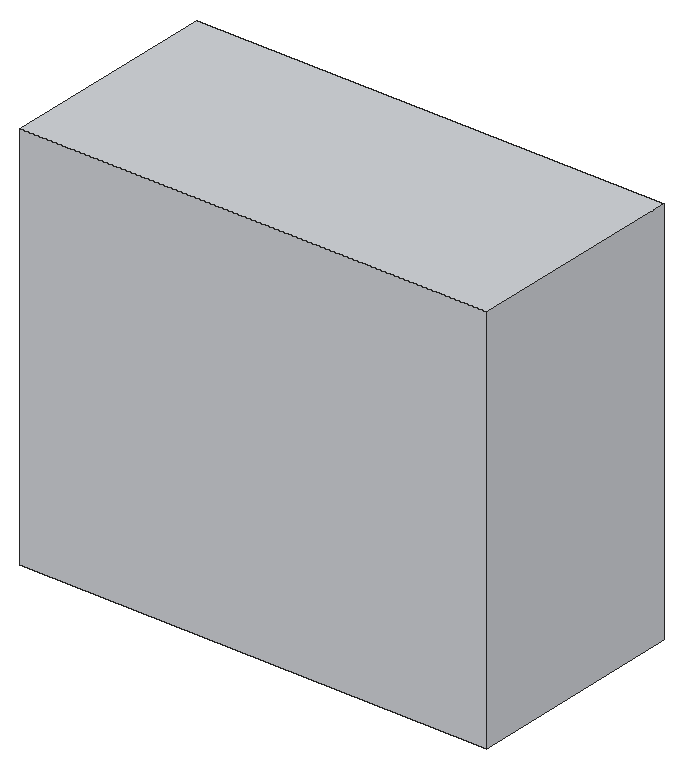
Revit family "Аппарат дыхательный ручной", category Оборудование, Revit 2017
Family settings
  Размер круглого соединителя = Использовать диаметр
  Тип детали = Нормальный
  На основе рабочей плоскости = Нет
  Всегда вертикально = Да
  При загрузке вырезать с полостями = Нет
  Общий = Нет
  Точка расчета площади = Нет
Parameters (values of type "Тип")
  Общ_Ширина = 370.0 mm
  Общ_Тип, марка = "АДР-МП-В"
  Общ_Примечание = ""
  Общ_Поставщик = "Медплант"
  Общ_Позиция = ""
  Общ_Наименование = "Аппарат дыхательный ручной"
  Общ_Масса = "3,5"
  Общ_Код продукции = ""
  Общ_Единицы измерения = "шт."
  Общ_Глубина = 175.0 mm
  Общ_Высота = 310.0 mm
  Keynote = ""
  Model = ""
Reference planes
  plane 1 "По центру (Вперед/Назад)": y = 0
  plane 2: z = 0
  plane 3 "По центру (Влево/Вправо)": x = 0
Forms (mm)
  Extrusion 1, solid, detail levels fine
    sketch origin (0, 0, 0) x (1, 0, 0) y (0, 1, 0)
      loop
        line (-185, -87.5) -> (185, -87.5) -> (185, 87.5) -> (-185, 87.5) -> (-185, -87.5)
    from 0 to 310
Lines and regions (mm)
  symbolic lines, detail levels coarse+medium
    curve 1: line (-185, 87.5, 0) -> (185, 87.5, 0)
    curve 2: line (-185, -87.5, 0) -> (-185, 87.5, 0)
    curve 3: line (185, -87.5, 0) -> (-185, -87.5, 0)
    curve 4: line (185, 87.5, 0) -> (185, -87.5, 0)
Dimensions and locks
  aligned and locked: level to plane 2
